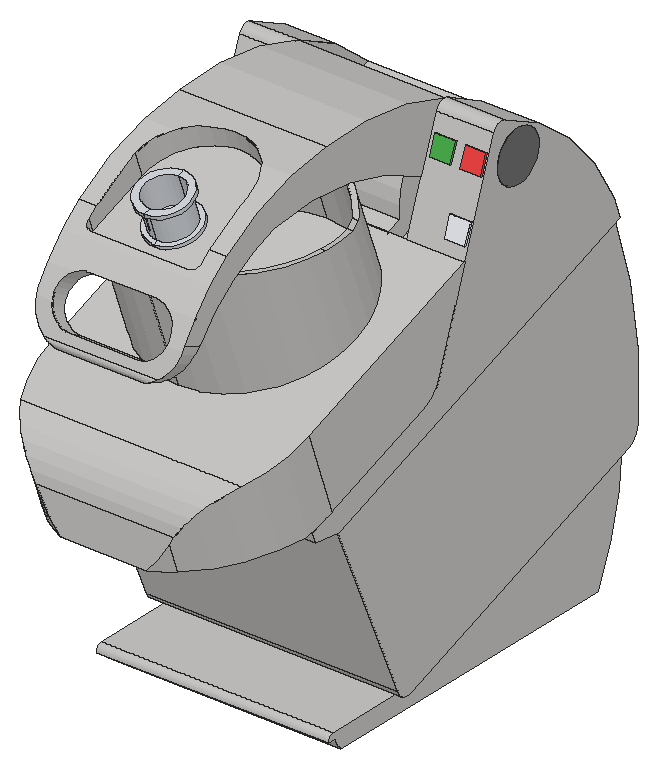
Revit family "QF_ELECTROLUXPROFESSIONAL_600465_TRSY1V37", category Specialty Equipment, Revit 2018
Family settings
  Round Connector Dimension = Use Diameter
  Part Type = Normal
  Work Plane-Based = No
  Always vertical = Yes
  Cut with Voids When Loaded = No
  Shared = No
  Room Calculation Point = No
Parameters (values of type "QF_ELECTROLUX_600465_TRSY1V37")
  Weight = 21.40 kg
  Watts = 0 W
  Volts = 220 V
  URL Manufacturer = "http://professional.electrolux.com"
  URL = "http://professional.electrolux.com"
  Steam Supply Size = 0 mm
  Steam Supply Minimum Pressure = 0.0 Pa
  Steam Supply Maximum Pressure = 0.0 Pa
  Steam Pounds per Hour = 0
  Refrigeration Suction Line Size = 0 mm
  Refrigeration Liquid Line Size = 0 mm
  Refrigerant Compressor Remote = yes
  Manufacturer = "Electrolux"
  Phase = 1
  Model = "TRSY1V37"
  Length Actual = 252 mm  # constant formula
  Item Number = "600465"
  Hot Water Size = 0 mm
  Height Actual = 515 mm  # constant formula
  HP = "0.5 HP"
  Gas Size = 0 mm
  Gas KW = 0
  Gas Input Pressure = 0 W
  Direct Waste Size = 0 mm
  Description = "VEGETABLE SLICER-1 SPEED-370W-220-240/1/50"
  Depth Actual = 500 mm  # constant formula
  Cycle = 50 Hz
  Condensate Return Size = 0 mm
  Compressed Air Volume = 0.0 L/s
  Compressed Air Size = 0 mm
  Compressed Air Pressure = 0.0 Pa
  Cold Water Size = 0 mm
  Accessory = yes
Reference planes
  plane 1 "Center (Front/Back)": y = 0
  plane 2: z = 0
  plane 3 "Center (Left/Right)": x = 0
  plane 4 "BASE": through (-1506.947, -1354.442, -482.669) normal (0, -0.342, 0.9397)
  plane 5 "TOP": z = 780
  plane 6 "FRONT": y = -250
  plane 7 "BACK": y = 250
  plane 8 "LEFT": x = -126
  plane 9 "RIGHT": x = 126
  plane 10 "BaseSup": through (4267.2, -355.454, 143.983) normal (0, -0.342, 0.9397)
  plane 11 "TopCylinder": z = 502
  plane 12 "panel": through (4267.2, 37.396, 376.789) normal (0, -0.9397, 0.342)
  plane 13 "TAN1": through (4267.2, -242.8, 386.84) normal (0, -0.868, 0.4965)
  plane 14 "cx": x = -4.392
Forms (mm)
  Extrusion 1, solid, material "QF_Finishes_Stainless Steel"
    sketch origin (0, 71.755, 29.173) x (0, 0.939693, 0.34202) y (0, -0.34202, 0.939693)
      loop
        line (194.125, 30) -> (-100, 30) -> (-172.671, 56.45)
        arc (-172.671, 56.45) -> (-177.706, 56.23) -> (-181.11, 52.515) r 6.584
        line (-181.11, 52.515) -> (-172.825, 49.499)
        arc (-172.825, 49.499) -> (-173.282, 42.917) -> (-170.601, 36.887) r 13.662
        line (-170.601, 36.887) -> (125.402, -70.849)
        arc (125.402, -70.849) -> (140.415, -55.659) -> (154.125, -39.282) r 258.806
        arc (154.125, -39.282) -> (176.416, -5.964) -> (194.125, 30) r 303.676
    from -114.1 to 114.1
  Extrusion 2, solid, material "QF_Finishes_Stainless Steel"
    sketch origin (0, 71.755, 29.173) x (0, 0.939693, 0.34202) y (0, -0.34202, 0.939693)
      loop
        arc (-117.754, 231.836) -> (-115.421, 136.806) -> (-106.378, 42.177) r 1344.145
        arc (-106.378, 42.177) -> (-102.811, 33.567) -> (-94.2, 30) r 12.177
        line (-94.2, 30) -> (191.415, 30)
        arc (191.415, 30) -> (200.799, 34.052) -> (207.001, 42.177) r 20.212
        arc (207.001, 42.177) -> (237.263, 134.79) -> (245.906, 231.836) r 430.148
        line (245.906, 231.836) -> (-117.754, 231.836)
    from -123.6 to 123.2
  Extrusion 3, solid, material "QF_Finishes_Stainless Steel"
    sketch origin (0, 71.755, 29.173) x (0, 0.939693, 0.34202) y (0, -0.34202, 0.939693)
      loop
        line (-117.754, 231.836) -> (250, 231.836) -> (250, 254)
        arc (250, 254) -> (225.127, 344.7) -> (167.861, 419.303) r 244.524
        arc (167.861, 419.303) -> (160.498, 421.774) -> (153.587, 418.23) r 10
        line (153.587, 418.23) -> (25.432, 265.5)
        arc (25.432, 265.5) -> (14.376, 257.016) -> (0.77, 254) r 32.194
        line (0.77, 254) -> (-142.678, 254) -> (-142.678, 244) -> (-117.754, 231.836)
    from -125 to 125
  Extrusion 4, void
    sketch origin (0, 71.755, 29.173) x (0, 0.939693, 0.34202) y (0, -0.34202, 0.939693)
      loop
        line (146.605, 338.403) -> (228.145, 338.403)
        arc (228.145, 338.403) -> (202.221, 381.996) -> (167.861, 419.303) r 244.524
        arc (167.861, 419.303) -> (160.498, 421.774) -> (153.587, 418.23) r 10
        line (153.587, 418.23) -> (72.34, 321.403) -> (146.605, 321.403) -> (146.605, 338.403)
    from -76.755 to 68.071
  Extrusion 5, solid, material "QF_Finishes_Stainless Steel"
    sketch origin (0, 71.755, 29.173) x (0, 0.939693, 0.34202) y (0, -0.34202, 0.939693)
      loop
        line (86.605, 338.403) -> (69.605, 321.403) -> (146.605, 321.403) -> (146.605, 338.403) -> (138.179, 338.403) -> (138.179, 369.367)
        arc (138.179, 369.367) -> (147.784, 373.474) -> (158.149, 372.174) r 19.987
        arc (158.149, 372.174) -> (156.791, 382.001) -> (162.888, 389.826) r 12.748
        arc (162.888, 389.826) -> (123.302, 374.774) -> (101.605, 338.403) r 64.447
        line (101.605, 338.403) -> (86.605, 338.403)
    from -65 to 50
  Extrusion 6, solid, material "QF_Finishes_Stainless Steel"
    sketch origin (539, 71.755, 29.173) x (0, -0.939693, -0.34202) y (0, -0.34202, 0.939693)
      loop
        circle (-169.102, 378.696) r 12.748
    from 489 to 604
  Extrusion 7, solid, material "QF_Finishes_Rubber Black"
    sketch origin (0, 71.755, 29.173) x (0, 0.939693, 0.34202) y (0, -0.34202, 0.939693)
      loop
        circle (169.102, 378.696) r 25
    from 125 to 126.6
  Extrusion 8, solid, material "QF_Finishes_Green"
    sketch origin (-10, -113.728, -38.42) x (0, -0.34202, -0.939693) y (1, 0, 0)
      loop
        line (-529.862, 82.865) -> (-509.862, 82.865) -> (-509.862, 102.865) -> (-529.862, 102.865) -> (-529.862, 82.865)
    from 0 to 1.6
  Extrusion 9, solid, material "QF_Finishes_Red"
    sketch origin (20, -113.728, -38.42) x (0, -0.34202, -0.939693) y (1, 0, 0)
      loop
        line (-529.862, 82.865) -> (-509.862, 82.865) -> (-509.862, 102.865) -> (-529.862, 102.865) -> (-529.862, 82.865)
    from 0 to 1.6
  Extrusion 10, solid, material "QF_Finishes_White"
    sketch origin (19.976, -149.421, -75.636) x (0, -0.34202, -0.939693) y (1, 0, 0)
      loop
        line (-521.192, 82.865) -> (-501.192, 82.865) -> (-501.192, 102.865) -> (-521.192, 102.865) -> (-521.192, 82.865)
    from 0 to 1.6
  Extrusion 11, solid, material "QF_Finishes_Rubber Black"
    sketch origin (-20, -306.935, 99.376) x (0, -1, 0) y (1, 0, 0)
      loop
        circle (-230.144, 103.748) r 10
      loop
        circle (-230.144, -61.252) r 10
    from 9.274 to 3.787
  Extrusion 12, void
    sketch origin (-20.94, 306.731, 139.428) x (-1, 0, 0) y (0, -0.34202, 0.939693)
      loop
        circle (-20.94, 196.093) r 10
    from -1.916 to -26.433
  Extrusion 13, solid, material "QF_Finishes_Stainless Steel"
    sketch origin (-20.94, 306.678, 139.573) x (-1, 0, 0) y (0, -0.34202, 0.939693)
      loop
        circle (-20.94, 195.939) r 9.999
    from -8.514 to -26.433
  Extrusion 14, solid, material "QF_Finishes_Stainless Steel"
    sketch origin (0, -15.119, 267.855) x (0, -0.939693, -0.34202) y (1, 0, 0)
      loop
        line (-86.605, -125) -> (117.754, -125)
        arc (117.754, -125) -> (182.577, -108.838) -> (232.224, -64.135) r 138.076
        arc (232.224, -64.135) -> (246.337, -33.516) -> (250, 0) r 104.824
        arc (250, 0) -> (246.337, 33.516) -> (232.224, 64.135) r 104.824
        arc (232.224, 64.135) -> (182.577, 108.838) -> (117.754, 125) r 138.076
        line (117.754, 125) -> (-86.605, 125) -> (-86.605, -125)
    from 0 to 84.403
  Extrusion 15, void
    sketch origin (0, 71.755, 29.173) x (0, 0.939693, 0.34202) y (0, -0.34202, 0.939693)
      loop
        line (-148.177, 254) -> (-243.49, 272.527) -> (-229.509, 307.133)
        arc (-229.509, 307.133) -> (-211.109, 329.855) -> (-183.149, 338.403) r 50
        line (-183.149, 338.403) -> (-263.395, 338.403) -> (-263.395, 254) -> (-148.177, 254)
      loop
        line (86.605, 338.403) -> (25.432, 265.5)
        arc (25.432, 265.5) -> (14.376, 257.016) -> (0.77, 254) r 32.194
        line (0.77, 254) -> (86.605, 254) -> (86.605, 338.403)
    from -156.555 to 144.79
  Extrusion 16, solid, material "QF_Finishes_Rubber Black"
    sketch origin (-20, -28.598, 99.376) x (0, -1, 0) y (1, 0, 0)
      loop
        circle (-230.144, 103.748) r 10
      loop
        circle (-230.144, -61.252) r 10
    from 9.274 to 3.787
  Extrusion 17, solid, material "QF_Finishes_Stainless Steel"
    sketch origin (0, 0, 0) x (0, 1, 0) y (0, 0, 1)
      loop
        arc (-237.987, 360.286) -> (-193.334, 422.101) -> (-125.907, 457.716) r 167.502
        arc (-125.907, 457.716) -> (-32.614, 457.202) -> (54.785, 424.565) r 266.494
        line (54.785, 424.565) -> (73.036, 474.711)
        arc (73.036, 474.711) -> (77.269, 479.853) -> (83.792, 481.198) r 10
        arc (83.792, 481.198) -> (12.917, 500.705) -> (-60.594, 500.999) r 278.64
        arc (-60.594, 500.999) -> (-125.023, 488.463) -> (-183.511, 458.675) r 236.13
        arc (-183.511, 458.675) -> (-222.818, 420.732) -> (-248.457, 372.49) r 174.407
        arc (-248.457, 372.49) -> (-249.83, 368.135) -> (-247.05, 364.513) r 4.945
        line (-247.05, 364.513) -> (-237.987, 360.286)
    from -76.755 to 68.071
  Extrusion 18, void
    sketch origin (0, -252.846, 369.279) x (0, -0.496521, -0.868025) y (1, 0, 0)
      loop
        line (-13.723, -36.755) -> (-13.723, 28.071)
        arc (-13.723, 28.071) -> (-38.723, 53.071) -> (-63.723, 28.071) r 25
        line (-63.723, 28.071) -> (-63.723, -36.755)
        arc (-63.723, -36.755) -> (-38.723, -61.755) -> (-13.723, -36.755) r 25
    from -148.493 to 7.125
  Extrusion 19, void
    sketch origin (0, -88.076, 32.057) x (0, -0.34202, -0.939693) y (1, 0, 0)
      loop
        line (-257.162, 68.071) -> (-297.162, 68.071)
        arc (-297.162, 68.071) -> (-268.878, 56.356) -> (-257.162, 28.071) r 40
        line (-257.162, 28.071) -> (-257.162, 68.071)
      loop
        line (-257.162, -76.755) -> (-257.162, -36.755)
        arc (-257.162, -36.755) -> (-268.878, -65.039) -> (-297.162, -76.755) r 40
        line (-297.162, -76.755) -> (-257.162, -76.755)
    from 233.374 to 280.473
  Extrusion 20, void
    sketch origin (0, -73.76, 246.511) x (0, -0.939693, -0.34202) y (1, 0, 0)
      loop
        spline (50.415, 43.499) -> (50.302, 44.538) -> (50.07, 45.551) -> (49.722, 46.523) -> (49.265, 47.436) -> (48.705, 48.278) -> (48.053, 49.034) -> (47.317, 49.692) -> (46.511, 50.241) -> (45.647, 50.674) -> (44.738, 50.981) -> (43.801, 51.16) -> (42.848, 51.221)
        line (42.848, 51.221) -> (-21.826, 51.221)
        arc (-21.826, 51.221) -> (-77.476, -4.429) -> (-21.826, -60.078) r 55.65
        line (-21.826, -60.078) -> (42.849, -60.064)
        spline (42.849, -60.064) -> (43.796, -60.017) -> (44.73, -59.836) -> (45.637, -59.525) -> (46.5, -59.088) -> (47.306, -58.532) -> (48.042, -57.867) -> (48.695, -57.103) -> (49.256, -56.253) -> (49.715, -55.331) -> (50.065, -54.351) -> (50.3, -53.329) -> (50.415, -52.283)
        line (50.415, -52.283) -> (50.415, 43.499)
    from 219.928 to 259.975
  Extrusion 21, void
    sketch origin (0, -87.856, 241.381) x (0, -0.939693, -0.34202) y (1, 0, 0)
      loop
        circle (-4.976, -4.429) r 22.5
    from 184.171 to 259.975
  Extrusion 22, solid, material "QF_Finishes_Stainless Steel"
    sketch origin (0, -57.13, 252.564) x (0, -0.939693, -0.34202) y (1, 0, 0)
      loop
        circle (-27.476, -4.429) r 100
      loop
        circle (-27.476, -4.429) r 95
    from 84.403 to 219.928
  Extrusion 23, void
    sketch origin (539, 0, 0) x (0, -1, 0) y (0, 0, 1)
      loop
        line (-7.229, 448.453) -> (38.883, 431.669) -> (53.883, 431.669) -> (97.232, 435.738) -> (172.232, 435.738) -> (200.5, 434.424) -> (12.562, 502.828) -> (-7.229, 448.453)
    from 424.9 to 664
  Revolve 24, solid
    sketch origin (-4.392, 0, 0) x (0, 1, 0) y (0, 0, 1)
      loop
        line (-159.523, 452.833) -> (-177.266, 446.376) -> (-188.766, 477.973) -> (-195.199, 475.631) -> (-193.959, 472.225) -> (-189.261, 473.935) -> (-179, 445.744) -> (-183.698, 444.034) -> (-182.575, 440.948) -> (-179.543, 442.052) -> (-133.191, 314.7) -> (-112.048, 322.396) -> (-159.523, 452.833)
      axis (-112.048, 322.396) -> (-171.023, 484.431)
    angle from 0 to 360
  Extrusion 25, solid, material "QF_Door-Drawer Clearances", detail levels coarse
    sketch origin (0, -259.129, 728.467) x (0, -0.462376, -0.886684) y (0, 0.886684, -0.462376)
      loop
        arc (-237.987, 360.286) -> (-193.334, 422.101) -> (-125.907, 457.716) r 167.502
        arc (-125.907, 457.716) -> (-32.614, 457.202) -> (54.785, 424.565) r 266.494
        line (54.785, 424.565) -> (59.562, 427.056)
        arc (59.562, 427.056) -> (59.025, 458.234) -> (62.46, 489.226) r 244.524
        arc (62.46, 489.226) -> (1.594, 502.023) -> (-60.594, 500.999) r 278.64
        arc (-60.594, 500.999) -> (-125.023, 488.463) -> (-183.511, 458.675) r 236.13
        arc (-183.511, 458.675) -> (-222.818, 420.732) -> (-248.457, 372.49) r 174.407
        arc (-248.457, 372.49) -> (-249.83, 368.135) -> (-247.05, 364.513) r 4.945
        line (-247.05, 364.513) -> (-237.987, 360.286)
    from -76.755 to 68.071
  Extrusion 26, solid, material "QF_Door-Drawer Clearances", detail levels coarse
    sketch origin (-4.392, 0, 0) x (0, 1, 0) y (0, 0, 1)
      loop
        arc (180.062, 780.324) -> (-149.234, 694.151) -> (-249.905, 368.994) r 350.321
        line (-249.905, 368.994) -> (-246.546, 377.767)
        arc (-246.546, 377.767) -> (-144.345, 691.9) -> (174.993, 776.44) r 345.321
        line (174.993, 776.44) -> (180.062, 780.324)
    from -60 to 60
Cuts and joins
  Extrusion 4, Extrusion 19, Extrusion 20, Extrusion 21 cuts Extrusion 3
  Extrusion 15, Extrusion 19, Extrusion 20, Extrusion 21 cuts Extrusion 14
  Extrusion 18, Extrusion 19, Extrusion 20, Extrusion 21 cuts Extrusion 17
  Extrusion 12, Extrusion 20, Extrusion 21 cuts Extrusion 2
  Extrusion 23 cuts Extrusion 22
Lines and regions (mm)
  model lines
    curve 1: line (-65, 80.335, 302.597) -> (50, 80.335, 302.597)
    curve 2: line (-65, 83.13, 303.615) -> (50, 83.13, 303.615)
Dimensions and locks
  plane 5 "TOP" to level = 780 mm
  plane 8 "LEFT" to plane 3 "Center (Left/Right)" to plane 9 "RIGHT" = 126 mm, 126 mm
  plane 7 "BACK" to plane 1 "Center (Front/Back)" to plane 6 "FRONT" = 250 mm, 250 mm
  plane 5 "TOP" to plane 2 = 780 mm
  plane 5 "TOP" to plane 11 "TopCylinder" = 278 mm
  plane 6 "FRONT" to plane 7 "BACK" = 500 mm
  plane 7 "BACK" to plane 6 "FRONT" = 500 mm
  plane 11 "TopCylinder" to level = 502 mm
  aligned and locked: level to plane 2
Connectors
  electrical at (0, 231.662, 320.783), driven by "Volts"
    settings: on Extrusion 13, index 1, voltage 220 V, apparent load 0 VA, apparent load phase1 0 VA, apparent load phase2 0 VA, apparent load phase3 0 VA, power factor 1, load classification "Other", number of poles 1, system type 30, power factor state 1, is connector primary yes, connector utility no, sub classification motor no, connector description "Electrical Connection"
